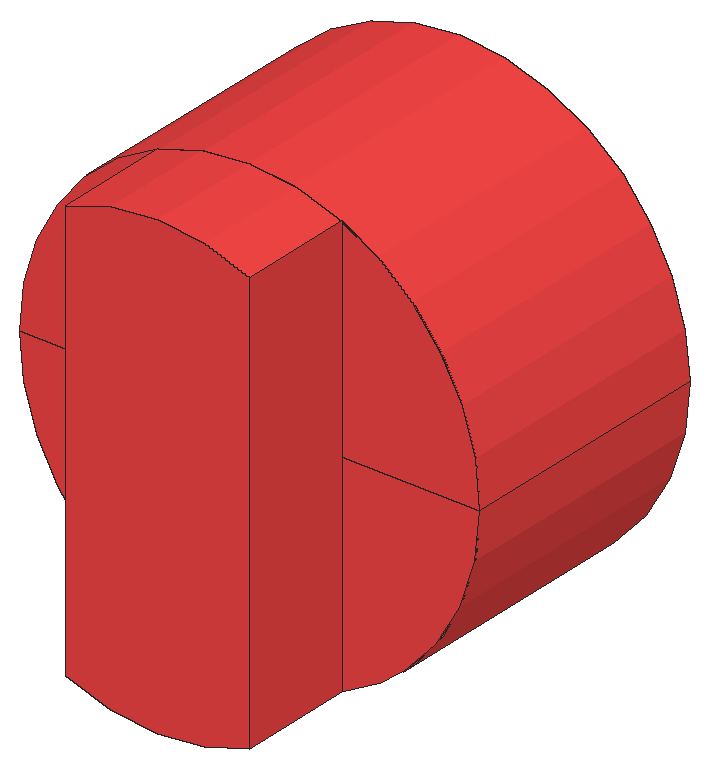
Revit family "CWST-RW-W6 ENScape optisk signalgiver rød IP65_Vegg", category Fire Alarm Devices, Revit 2016
Family settings
  Maintain Annotation Orientation = Yes
  Part Type = Normal
  Round Connector Dimension = Use Diameter
  OmniClass Number = 23.85.30.21.11.17
  OmniClass Title = Other Components
  Work Plane-Based = No
  Always vertical = No
  Cut with Voids When Loaded = No
  Shared = No
  Room Calculation Point = No
Parameters (values of type "Optisk signalgiver")
  Type Comments = "-XH"
  Reference Line Out [instance] = 45.00 mm
  NS8360 = "5423_XN2"
  Manufacturer = "Honeywell"
  Keynote = "XN2"
  CQ Symbol Positive Direction [instance] = yes
  CQ Symbol Offset Side [instance] = 0.00 mm
  CQ Symbol Offset Out [instance] = 0.00 mm
  CQ Material = Plastic - Red
  CQ Length B = 72.00 mm
  CQ Length A = 100.00 mm
  Assembly Code = "5423"
Reference planes
  plane 1 "Center (Front/Back)": y = 0
  plane 2: z = 0
  plane 3 "Center (Left/Right)": x = 0
  plane 4: x = -50
  plane 5: x = 50
  plane 6: y = 72
  plane 7: y = 57
  plane 8: y = -25
Forms (mm)
  Revolve 1, solid, material "Plastic - Red" <- "CQ Material"
    sketch origin (0, 0, 0) x (1, 0, 0) y (0, -1, 0)
      loop
        line (0, 0) -> (0, -72) -> (1, -72)
        arc (1, -72) -> (19.581, -68.083) -> (35, -57) r 46.033
        line (35, -57) -> (50, -57) -> (50, 0) -> (0, 0)
      axis (0, 0) -> (0, -72)
    angle from 0 to 360
  Extrusion 2, solid, material "Plastic - Red" <- "CQ Material"
    sketch origin (0, 0, 0) x (1, 0, 0) y (0, 0, 1)
      loop
        line (-20, 45.826) -> (-20, -45.826)
        arc (-20, -45.826) -> (0, -50) -> (20, -45.826) r 50
        line (20, -45.826) -> (20, 45.826)
        arc (20, 45.826) -> (0, 50) -> (-20, 45.826) r 50
    from 0 to 25
Cuts and joins
  joined: Revolve 1, Extrusion 2
Lines and regions (mm)
  model lines, style "InvisibleLines"
    curve 1: line (0, 0, 0) -> (0, 45, 0)
Dimensions and locks
  "Reference Line Out": plane 1 "Center (Front/Back)" to curve 1
  "CQ Length B": plane 6 to plane 1 "Center (Front/Back)"
  plane 6 to plane 7 = 15.00 mm
  equal spacing: plane 4, plane 3 "Center (Left/Right)", plane 5
  "CQ Length A": plane 4 to plane 5
  plane 8 to plane 1 "Center (Front/Back)" = 25.00 mm
  aligned and locked: level to plane 2
  aligned and locked: curve 1 to plane 3 "Center (Left/Right)"
  aligned and locked: plane 1 "Center (Front/Back)" to curve 1
  aligned and locked: curve 1 to plane 2
  aligned and locked: plane 1 "Center (Front/Back)" to Revolve 1 sketch curve
  aligned and locked: plane 3 "Center (Left/Right)" to nested 1
  aligned and locked: plane 1 "Center (Front/Back)" to nested 1
  aligned and locked: plane 7 to Revolve 1 sketch curve
  aligned and locked: Revolve 1 sketch curve to plane 6
  aligned and locked: Extrusion 2 sketch curve to Revolve 1  (x2)
  aligned and locked: Extrusion 2 to plane 8
Automatic sketch dimensions
  Revolve 1 sketch curve to plane 3 "Center (Left/Right)" = 0.00 mm  (x2)
  Revolve 1 sketch curve to plane 5 = 0.00 mm
  Revolve 1 sketch curve to plane 6 = 0.00 mm
  Revolve 1 sketch curve to plane 3 "Center (Left/Right)" = 1.00 mm
  plane 1 "Center (Front/Back)" to Revolve 1 sketch curve = 25.967 mm
  Revolve 1 sketch curve to plane 1 "Center (Front/Back)" = 2000.00 mm
  plane 3 "Center (Left/Right)" to Extrusion 2 sketch curve = 20.00 mm
  Extrusion 2 sketch curve to Extrusion 2 sketch curve = 0.00 mm
Nested families
  nested 1: "Optisk alarmapparat" at (0, 0, 0), type "Type 1"
Connectors
  electrical at (0, 0, 0)
    settings: index 1, voltage 0 V, apparent load 0 VA, apparent load phase1 0 VA, apparent load phase2 0 VA, apparent load phase3 0 VA, power factor 1, load classification "Other", number of poles 1, system type 11, power factor state 1, is connector primary yes, connector utility no, sub classification motor no, connector description ""
Definition of nested family "Optisk alarmapparat"
  Parameters
    CQ Symbol Positive Direction = yes
    CQ Symbol Negative Direction = not(CQ Symbol Positive Direction)  # no
    CQ Symbol Offset Side = 0.00 mm
    CQ Symbol Offset Out = 1.00 mm
  Reference planes
    plane 1: y = 0
    plane 2: x = 0
  Dimensions and locks
    "CQ Symbol Offset Out": plane 1 to nested 2
    "CQ Symbol Offset Out": plane 1 to nested 1
    "CQ Symbol Offset Side": plane 2 to nested 1
    "CQ Symbol Offset Side": nested 2 to plane 2
  Nested families
    nested 1: "Optisk AlarmapparatSub" at (0, 1, 0), visible <- "CQ Symbol Positive Direction", type "Type 1"
    nested 2: "Optisk AlarmapparatSub" at (0, 1, 0), visible <- "CQ Symbol Negative Direction", type "Type 1"
  Definition of nested family "Optisk AlarmapparatSub"
    Reference planes
      plane 1: y = 0
      plane 2: x = 0
    Lines and regions (mm)
      detail lines
        curve 1: circle (0, 2.5, 0) r 2.5 normal (0, 0, 1)
        curve 2: line (-1.768, 4.268, 0) -> (1.768, 0.732, 0)
        curve 3: line (-1.768, 0.732, 0) -> (1.768, 4.268, 0)
        curve 4: line (-0.001, 5.5, 0) -> (4.748, 5.5, 0)
    Text (mm)
      text "PL" at (1.733, 7.087, 0)
